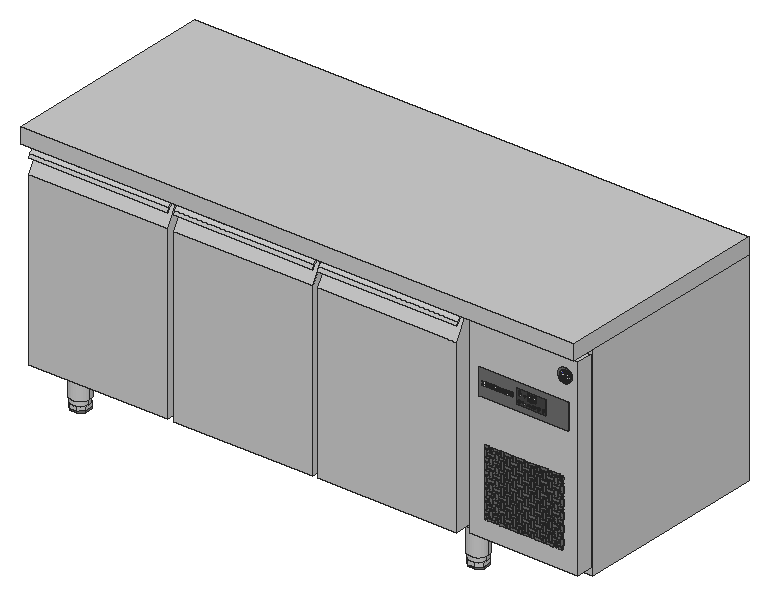
Revit family "QF_HOSHIZAKI_889020823", category Specialty Equipment, Revit 2016
Family settings
  Part Type = Normal
  Round Connector Dimension = Use Diameter
  OmniClass Number = 23.40.40.14
  OmniClass Title = Food Service Equipment
  Work Plane-Based = No
  Always vertical = Yes
  Cut with Voids When Loaded = No
  Shared = No
  Room Calculation Point = No
Parameters (values of type "889020823_230V/1Ph/50Hz")
  Weight = 128.00 kg
  Volts = 230 V
  URL Cutsheet = ""
  URL = "www.hoshizaki-europe.com"
  Status [instance] = ""
  Specification by User [instance] = ""
  Specification by Manufacturer [instance] = ""
  Serial Number = ""
  Seismic Rating = ""
  SMACNA No = ""
  Revision Code [instance] = ""
  Phase = 1
  Number of Poles = 2
  NAFEM Spec ID Number = ""
  Model = "ACR-180DG-LRR-CRC-L2"
  Min Ckt Ampacity = 0 A
  Max Overcurrent Protection = 0 A
  Masterspec = ""
  Manufacturer = "HOSHIZAKI"
  Length Actual = 1780 mm
  Item Number [instance] = ""
  Installed By [instance] = ""
  Identify Quantity as Lot [instance] = no
  Height Actual = 900 mm
  HP power = ""
  Furnished By [instance] = ""
  Foodservice Equipment Identifier [instance] = yes
  FL Amps = 1.3 A
  Electric power = 190 W
  Electric Connection Type [instance] = ""
  Elec Conn RI Height [instance] = 0 mm
  Elec Conn Connection Height [instance] = 300 mm
  Description = "ADVANCE 3-SECTION 1/1 GN REFRIGERATED COUNTER WITH 3 DOORS AND A FLAT WORKTOP"
  Depth Actual = 700 mm
  Cycle = 50 Hz
  Cost = 0
  Conn Plug = ""
  Conn Conduit = no
  CSI MasterFormat = ""
  Assembly Code = "E1090320"
  Apparent Power = 190 VA
  Accessory = no
Reference planes
  plane 1 "Center (Front/Back)": y = 0
  plane 2: z = 0
  plane 3 "Center (Left/Right)": x = 0
Forms (mm)
  Extrusion 1, solid, not visible
    sketch origin (1499, -17, 449) x (1, 0, 0) y (0, 1, 0)
      loop
        line (0, 0) -> (2, 0) -> (2, 2) -> (0, 2) -> (0, 0)
    from 0 to 2
Dimensions and locks
  aligned and locked: level to plane 2
Nested families
  nested 1: "QF_HOSHIZAKI_889020823_230V_1Ph_50Hz" at (0, 0, 150), type "889020823_230V/1Ph/50Hz"
    with Show Logo yes, Length Actual 1780 mm, Height Actual 650 mm, Depth Actual 700 mm, Compressor offset 1424 mm, Compressor location 1
  nested 2: "QF_HOSHIZAKI_ADVANCE_REF-COUNTER-WORKTOPS" at (0, 0, 800), type "760660094"
    with Worktop thickness 50 mm, Length Actual 1780 mm, Depth Actual 700 mm, Backsplash thickness 20 mm, Backsplash height 100 mm
  nested 3: "QF_HOSHIZAKI_ADVANCE_REF-COUNTER-DOORS-DRAWERS" at (22, -700, 150), type "760660485-R"
    with Weight 0.00 kg, URL Cutsheet "", Status "", Specification by User "", Specification by Manufacturer "", Serial Number "", Seismic Rating "", Section size 446 mm, Section 2, SMACNA No "", Right hand hinged glass door no, Right hand hinged door yes, Revision Code "", NAFEM Spec ID Number "", Masterspec "", Length Actual 0 mm, Left hand hinged glass door no, Left hand hinged door no, Item Number "", Installed By "", Identify Quantity as Lot no, Height Actual 0 mm, Furnished By "", Foodservice Equipment Identifier no, Depth Actual 0 mm, CSI MasterFormat "", Accessory yes, 3 Drawers no, 2 Drawers 1-3 and 2-3 no, 2 Drawers no
  nested 4: "QF_HOSHIZAKI_ADVANCE_REF-COUNTER-DOORS-DRAWERS" at (488, -700, 150), type "760660485-R"
    with Weight 0.00 kg, URL Cutsheet "", Status "", Specification by User "", Specification by Manufacturer "", Serial Number "", Seismic Rating "", Section size 446 mm, Section 2, SMACNA No "", Right hand hinged glass door no, Right hand hinged door yes, Revision Code "", NAFEM Spec ID Number "", Masterspec "", Length Actual 0 mm, Left hand hinged glass door no, Left hand hinged door no, Item Number "", Installed By "", Identify Quantity as Lot no, Height Actual 0 mm, Furnished By "", Foodservice Equipment Identifier no, Depth Actual 0 mm, CSI MasterFormat "", Accessory yes, 3 Drawers no, 2 Drawers 1-3 and 2-3 no, 2 Drawers no
  nested 5: "QF_HOSHIZAKI_ADVANCE_REF-COUNTER-DOORS-DRAWERS" at (952, -700, 150), type "760660485-R"
    with Weight 0.00 kg, URL Cutsheet "", Status "", Specification by User "", Specification by Manufacturer "", Serial Number "", Seismic Rating "", Section size 446 mm, Section 2, SMACNA No "", Right hand hinged glass door no, Right hand hinged door yes, Revision Code "", NAFEM Spec ID Number "", Masterspec "", Length Actual 0 mm, Left hand hinged glass door no, Left hand hinged door no, Item Number "", Installed By "", Identify Quantity as Lot no, Height Actual 0 mm, Furnished By "", Foodservice Equipment Identifier no, Depth Actual 0 mm, CSI MasterFormat "", Accessory yes, 3 Drawers no, 2 Drawers 1-3 and 2-3 no, 2 Drawers no
  nested 6: "QF_HOSHIZAKI_ADVANCE_REF-COUNTER-LEGS" at (0, 0, 0), type "760660118-6"
    with Weight 0.00 kg, URL Cutsheet "", Status "", Specification by User "", Specification by Manufacturer "", Serial Number "", Seismic Rating "", SMACNA No "", Revision Code "", NAFEM Spec ID Number "", Masterspec "", Length Actual 1780 mm, Legs inset right 430 mm, Legs inset rear 70 mm, Legs inset left 70 mm, Legs inset front 153 mm, Item Number "", Installed By "", Identify Quantity as Lot no, Height Actual 150 mm, Furnished By "", Foodservice Equipment Identifier no, Depth Actual 700 mm, Central Legs no, CSI MasterFormat "", Accessory yes
Connectors
  electrical at (1500, -15, 450), driven by "Apparent Power", driven by "Number of Poles", driven by "Volts"
    settings: on Extrusion 1, index 1, voltage 230 V, apparent load 0 VA, apparent load phase1 190 VA, apparent load phase2 0 VA, apparent load phase3 0 VA, power factor 1, load classification "Other", number of poles 2, system type 31, power factor state 1, is connector primary yes, connector utility no, sub classification motor no, connector description "Electric connection for '889020823'"
Definition of nested family "QF_HOSHIZAKI_889020823_230V_1Ph_50Hz"
  Parameters (values of type "889020823_230V/1Ph/50Hz")
    URL = "www.hoshizaki-europe.com"
    Show Logo [instance] = yes
    Model = "ACR-180DG-LRR-CRC-L2"
    Manufacturer = "HOSHIZAKI"
    Length Actual [instance] = 1780 mm
    Height Actual [instance] = 650 mm
    Description = "ADVANCE 3-SECTION 1/1 GN REFRIGERATED COUNTER WITH 3 DOORS AND A FLAT WORKTOP"
    Depth Actual [instance] = 700 mm
    Compressor offset [instance] = if(Compressor location = 1, Length Actual - 356 mm, if(Compressor location = 2, 7 mm, Length Actual - 356 mm))  # 1424 mm
    Compressor location [instance] = 1
    Author = "SPECIFI"
    Assembly Code = "E1090320"
  Types (60, lengths in mm): name | Model | Length Actual | Description | Compressor offset
    889000840 | "ACR-130DG-LR-RRC-L1" | 1314 | "ADVANCE 2-SECTION 1/1 GN REFRIGERATED COUNTER WITH 2 DOORS AND A FLAT WORKTOP" | 958
    889000848 | "ACR-130DG-22-RRC-L1" | 1314 | "ADVANCE 2-SECTION 1/1 GN REFRIGERATED COUNTER WITH 2 DRAWER SECTIONS EACH WITH 2 X 1/2 DRAWERS AND A FLAT WORKTOP" | 958
    889000856 | "ACR-130DG-32-RRC-L1" | 1314 | "ADVANCE 2-SECTION 1/1 GN REFRIGERATED COUNTER WITH 1 DRAWER SECTION WITH 3 X 1/3 DRAWERS, 1 DRAWER SECTION WITH 2 X 1/2 DRAWERS AND A FLAT WORKTOP" | 958
    889000844 | "ACR-130DG-LR-RRS-L1" | 1314 | "ADVANCE 2-SECTION 1/1 GN REFRIGERATED COUNTER WITH 2 DOORS AND A WORKTOP WITH 100 MM SPLASHBACK" | 958
    889000852 | "ACR-130DG-22-RRS-L1" | 1314 | "ADVANCE 2-SECTION 1/1 GN REFRIGERATED COUNTER WITH 2 DRAWER SECTIONS EACH WITH 2 X 1/2 DRAWERS AND A WORKTOP WITH 100 MM SPLASHBACK" | 958
    889000861 | "ACR-130DG-LR-RRC-C1-U" | 1314 | "ADVANCE 2-SECTION 1/1 GN REFRIGERATED COUNTER WITH 2 DOORS AND A FLAT WORKTOP" | 958
    889000869 | "ACR-130DG-22-RRC-C1-U" | 1314 | "ADVANCE 2-SECTION 1/1 GN REFRIGERATED COUNTER WITH 2 DRAWER SECTIONS EACH WITH 2 X 1/2 DRAWERS AND A FLAT WORKTOP" | 958
    889000877 | "ACR-130DG-32-RRC-C1-U" | 1314 | "ADVANCE 2-SECTION 1/1 GN REFRIGERATED COUNTER WITH 1 DRAWER SECTION WITH 3 X 1/3 DRAWERS, 1 DRAWER SECTION WITH 2 X 1/2 DRAWERS AND A FLAT WORKTOP" | 958
    889000865 | "ACR-130DG-LR-RRS-C1-U" | 1314 | "ADVANCE 2-SECTION 1/1 GN REFRIGERATED COUNTER WITH 2 DOORS AND A WORKTOP WITH 100 MM SPLASHBACK" | 958
    889000873 | "ACR-130DG-22-RRS-C1-U" | 1314 | "ADVANCE 2-SECTION 1/1 GN REFRIGERATED COUNTER WITH 2 DRAWER SECTIONS EACH WITH 2 X 1/2 DRAWERS AND A WORKTOP WITH 100 MM SPLASHBACK" | 958
    889000842 | "ACR-130DG-LR-RRC-L2" | 1314 | "ADVANCE 2-SECTION 1/1 GN REFRIGERATED COUNTER WITH 2 DOORS AND A FLAT WORKTOP" | 958
    889000850 | "ACR-130DG-22-RRC-L2" | 1314 | "ADVANCE 2-SECTION 1/1 GN REFRIGERATED COUNTER WITH 2 DRAWER SECTIONS EACH WITH 2 X 1/2 DRAWERS AND A FLAT WORKTOP" | 958
    889000858 | "ACR-130DG-32-RRC-L2" | 1314 | "ADVANCE 2-SECTION 1/1 GN REFRIGERATED COUNTER WITH 1 DRAWER SECTION WITH 3 X 1/3 DRAWERS, 1 DRAWER SECTION WITH 2 X 1/2 DRAWERS AND A FLAT WORKTOP" | 958
    889000846 | "ACR-130DG-LR-RRS-L2" | 1314 | "ADVANCE 2-SECTION 1/1 GN REFRIGERATED COUNTER WITH 2 DOORS AND A WORKTOP WITH 100 MM SPLASHBACK" | 958
    889000854 | "ACR-130DG-22-RRS-L2" | 1314 | "ADVANCE 2-SECTION 1/1 GN REFRIGERATED COUNTER WITH 2 DRAWER SECTIONS EACH WITH 2 X 1/2 DRAWERS AND A WORKTOP WITH 100 MM SPLASHBACK" | 958
    889000822 | "ACR-130DG-LR-CRC-L2" | 1314 | "ADVANCE 2-SECTION 1/1 GN REFRIGERATED COUNTER WITH 2 DOORS AND A FLAT WORKTOP" | 958
    889000830 | "ACR-130DG-22-CRC-L2" | 1314 | "ADVANCE 2-SECTION 1/1 GN REFRIGERATED COUNTER WITH 2 DRAWER SECTIONS EACH WITH 2 X 1/2 DRAWERS AND A FLAT WORKTOP" | 958
    889000838 | "ACR-130DG-32-CRC-L2" | 1314 | "ADVANCE 2-SECTION 1/1 GN REFRIGERATED COUNTER WITH 1 DRAWER SECTION WITH 3 X 1/3 DRAWERS, 1 DRAWER SECTION WITH 2 X 1/2 DRAWERS AND A FLAT WORKTOP" | 958
    889000826 | "ACR-130DG-LR-CRS-L2" | 1314 | "ADVANCE 2-SECTION 1/1 GN REFRIGERATED COUNTER WITH 2 DOORS AND A WORKTOP WITH 100 MM SPLASHBACK" | 958
    889000834 | "ACR-130DG-22-CRS-L2" | 1314 | "ADVANCE 2-SECTION 1/1 GN REFRIGERATED COUNTER WITH 2 DRAWER SECTIONS EACH WITH 2 X 1/2 DRAWERS AND A WORKTOP WITH 100 MM SPLASHBACK" | 958
    889020840 | "ACR-180DG-LRR-RRC-L1" | 1780 | "ADVANCE 3-SECTION 1/1 GN REFRIGERATED COUNTER WITH 3 DOORS AND A FLAT WORKTOP" | 1424
    889020848 | "ACR-180DG-222-RRC-L1" | 1780 | "ADVANCE 3-SECTION 1/1 GN REFRIGERATED COUNTER WITH 3 DRAWER SECTIONS EACH WITH 2 X 1/2 DRAWERS AND A FLAT WORKTOP" | 1424
    889020856 | "ACR-180DG-332-RRC-L1" | 1780 | "ADVANCE 3-SECTION 1/1 GN REFRIGERATED COUNTER WITH 2 DRAWER SECTIONS EACH WITH 3 X 1/3 DRAWERS, 1 DRAWER SECTION WITH 2 X 1/2 DRAWERS AND A FLAT WORKTOP" | 1424
    889020844 | "ACR-180DG-LRR-RRS-L1" | 1780 | "ADVANCE 3-SECTION 1/1 GN REFRIGERATED COUNTER WITH 3 DOORS AND A WORKTOP WITH 100 MM SPLASHBACK" | 1424
    889020852 | "ACR-180DG-222-RRS-L1" | 1780 | "ADVANCE 3-SECTION 1/1 GN REFRIGERATED COUNTER WITH 3 DRAWER SECTIONS EACH WITH 2 X 1/2 DRAWERS AND A WORKTOP WITH 100 MM SPLASHBACK" | 1424
    889020861 | "ACR-180DG-LRR-RRC-C1-U" | 1780 | "ADVANCE 3-SECTION 1/1 GN REFRIGERATED COUNTER WITH 3 DOORS AND A FLAT WORKTOP" | 1424
    889020869 | "ACR-180DG-222-RRC-C1-U" | 1780 | "ADVANCE 3-SECTION 1/1 GN REFRIGERATED COUNTER WITH 3 DRAWER SECTIONS EACH WITH 2 X 1/2 DRAWERS AND A FLAT WORKTOP" | 1424
    889020877 | "ACR-180DG-332-RRC-C1-U" | 1780 | "ADVANCE 3-SECTION 1/1 GN REFRIGERATED COUNTER WITH 2 DRAWER SECTIONS EACH WITH 3 X 1/3 DRAWERS, 1 DRAWER SECTION WITH 2 X 1/2 DRAWERS AND A FLAT WORKTOP" | 1424
    889020865 | "ACR-180DG-LRR-RRS-C1-U" | 1780 | "ADVANCE 3-SECTION 1/1 GN REFRIGERATED COUNTER WITH 3 DOORS AND A WORKTOP WITH 100 MM SPLASHBACK" | 1424
    889020873 | "ACR-180DG-222-RRS-C1-U" | 1780 | "ADVANCE 3-SECTION 1/1 GN REFRIGERATED COUNTER WITH 3 DRAWER SECTIONS EACH WITH 2 X 1/2 DRAWERS AND A WORKTOP WITH 100 MM SPLASHBACK" | 1424
    889020842 | "ACR-180DG-LRR-RRC-L2" | 1780 | "ADVANCE 3-SECTION 1/1 GN REFRIGERATED COUNTER WITH 3 DOORS AND A FLAT WORKTOP" | 1424
    889020850 | "ACR-180DG-222-RRC-L2" | 1780 | "ADVANCE 3-SECTION 1/1 GN REFRIGERATED COUNTER WITH 3 DRAWER SECTIONS EACH WITH 2 X 1/2 DRAWERS AND A FLAT WORKTOP" | 1424
    889020858 | "ACR-180DG-332-RRC-L2" | 1780 | "ADVANCE 3-SECTION 1/1 GN REFRIGERATED COUNTER WITH 2 DRAWER SECTIONS EACH WITH 3 X 1/3 DRAWERS, 1 DRAWER SECTION WITH 2 X 1/2 DRAWERS AND A FLAT WORKTOP" | 1424
    889020846 | "ACR-180DG-LRR-RRS-L2" | 1780 | "ADVANCE 3-SECTION 1/1 GN REFRIGERATED COUNTER WITH 3 DOORS AND A WORKTOP WITH 100 MM SPLASHBACK" | 1424
    889020854 | "ACR-180DG-222-RRS-L2" | 1780 | "ADVANCE 3-SECTION 1/1 GN REFRIGERATED COUNTER WITH 3 DRAWER SECTIONS EACH WITH 2 X 1/2 DRAWERS AND A WORKTOP WITH 100 MM SPLASHBACK" | 1424
    889020823_230V/1Ph/50Hz | "ACR-180DG-LRR-CRC-L2" | 1780 | "ADVANCE 3-SECTION 1/1 GN REFRIGERATED COUNTER WITH 3 DOORS AND A FLAT WORKTOP" | 1424
    889020830 | "ACR-180DG-222-CRC-L2" | 1780 | "ADVANCE 3-SECTION 1/1 GN REFRIGERATED COUNTER WITH 3 DRAWER SECTIONS EACH WITH 2 X 1/2 DRAWERS AND A FLAT WORKTOP" | 1424
    889020838 | "ACR-180DG-332-CRC-L2" | 1780 | "ADVANCE 3-SECTION 1/1 GN REFRIGERATED COUNTER WITH 2 DRAWER SECTIONS EACH WITH 3 X 1/3 DRAWERS, 1 DRAWER SECTION WITH 2 X 1/2 DRAWERS AND A FLAT WORKTOP" | 1424
    889020827 | "ACR-180DG-LRR-CRS-L2" | 1780 | "ADVANCE 3-SECTION 1/1 GN REFRIGERATED COUNTER WITH 3 DOORS AND A WORKTOP WITH 100 MM SPLASHBACK" | 1424
    889020834 | "ACR-180DG-222-CRS-L2" | 1780 | "ADVANCE 3-SECTION 1/1 GN REFRIGERATED COUNTER WITH 3 DRAWER SECTIONS EACH WITH 2 X 1/2 DRAWERS AND A WORKTOP WITH 100 MM SPLASHBACK" | 1424
    889040840 | "ACR-225DG-LLRR-RRC-L1" | 2246 | "ADVANCE 4-SECTION 1/1 GN REFRIGERATED COUNTER WITH 4 DOORS AND A FLAT WORKTOP" | 1890
    889040848 | "ACR-225DG-2222-RRC-L1" | 2246 | "ADVANCE 4-SECTION 1/1 GN REFRIGERATED COUNTER WITH 4 DRAWER SECTIONS EACH WITH 2 X 1/2 DRAWERS AND A FLAT WORKTOP" | 1890
    889040856 | "ACR-225DG-3332-RRC-L1" | 2246 | "ADVANCE 4-SECTION 1/1 GN REFRIGERATED COUNTER WITH 3 DRAWER SECTIONS EACH WITH 3 X 1/3 DRAWERS, 1 DRAWER SECTION WITH 2 X 1/2 DRAWERS AND A FLAT WORKTOP" | 1890
    889040844 | "ACR-225DG-LLRR-RRS-L1" | 2246 | "ADVANCE 4-SECTION 1/1 GN REFRIGERATED COUNTER WITH 4 DOORS AND A WORKTOP WITH 100 MM SPLASHBACK" | 1890
    889040852 | "ACR-225DG-2222-RRS-L1" | 2246 | "ADVANCE 4-SECTION 1/1 GN REFRIGERATED COUNTER WITH 4 DRAWER SECTIONS EACH WITH 2 X 1/2 DRAWERS AND A WORKTOP WITH 100 MM SPLASHBACK" | 1890
    889040861 | "ACR-225DG-LLRR-RRC-C1-U" | 2246 | "ADVANCE 4-SECTION 1/1 GN REFRIGERATED COUNTER WITH 4 DOORS AND A FLAT WORKTOP" | 1890
    889040869 | "ACR-225DG-2222-RRC-C1-U" | 2246 | "ADVANCE 4-SECTION 1/1 GN REFRIGERATED COUNTER WITH 4 DRAWER SECTIONS EACH WITH 2 X 1/2 DRAWERS AND A FLAT WORKTOP" | 1890
    889040877 | "ACR-225DG-3332-RRC-C1-U" | 2246 | "ADVANCE 4-SECTION 1/1 GN REFRIGERATED COUNTER WITH 3 DRAWER SECTIONS EACH WITH 3 X 1/3 DRAWERS, 1 DRAWER SECTION WITH 2 X 1/2 DRAWERS AND A FLAT WORKTOP" | 1890
    889040865 | "ACR-225DG-LLRR-RRS-C1-U" | 2246 | "ADVANCE 4-SECTION 1/1 GN REFRIGERATED COUNTER WITH 4 DOORS AND A WORKTOP WITH 100 MM SPLASHBACK" | 1890
    889040873 | "ACR-225DG-2222-RRS-C1-U" | 2246 | "ADVANCE 4-SECTION 1/1 GN REFRIGERATED COUNTER WITH 4 DRAWER SECTIONS EACH WITH 2 X 1/2 DRAWERS AND A WORKTOP WITH 100 MM SPLASHBACK" | 1890
    889040842 | "ACR-225DG-LLRR-RRC-L2" | 2246 | "ADVANCE 4-SECTION 1/1 GN REFRIGERATED COUNTER WITH 4 DOORS AND A FLAT WORKTOP" | 1890
    889040850 | "ACR-225DG-2222-RRC-L2" | 2246 | "ADVANCE 4-SECTION 1/1 GN REFRIGERATED COUNTER WITH 4 DRAWER SECTIONS EACH WITH 2 X 1/2 DRAWERS AND A FLAT WORKTOP" | 1890
    889040858 | "ACR-225DG-3332-RRC-L2" | 2246 | "ADVANCE 4-SECTION 1/1 GN REFRIGERATED COUNTER WITH 3 DRAWER SECTIONS EACH WITH 3 X 1/3 DRAWERS, 1 DRAWER SECTION WITH 2 X 1/2 DRAWERS AND A FLAT WORKTOP" | 1890
    889040846 | "ACR-225DG-LLRR-RRS-L2" | 2246 | "ADVANCE 4-SECTION 1/1 GN REFRIGERATED COUNTER WITH 4 DOORS AND A WORKTOP WITH 100 MM SPLASHBACK" | 1890
    889040854 | "ACR-225DG-2222-RRS-L2" | 2246 | "ADVANCE 4-SECTION 1/1 GN REFRIGERATED COUNTER WITH 4 DRAWER SECTIONS EACH WITH 2 X 1/2 DRAWERS AND A WORKTOP WITH 100 MM SPLASHBACK" | 1890
    889040822 | "ACR-225DG-LLRR-CRC-L2" | 2246 | "ADVANCE 4-SECTION 1/1 GN REFRIGERATED COUNTER WITH 4 DOORS AND A FLAT WORKTOP" | 1890
    889040830 | "ACR-225DG-2222-CRC-L2" | 2246 | "ADVANCE 4-SECTION 1/1 GN REFRIGERATED COUNTER WITH 4 DRAWER SECTIONS EACH WITH 2 X 1/2 DRAWERS AND A FLAT WORKTOP" | 1890
    889040838 | "ACR-225DG-3332-CRC-L2" | 2246 | "ADVANCE 4-SECTION 1/1 GN REFRIGERATED COUNTER WITH 3 DRAWER SECTIONS EACH WITH 3 X 1/3 DRAWERS, 1 DRAWER SECTION WITH 2 X 1/2 DRAWERS AND A FLAT WORKTOP" | 1890
    889040826 | "ACR-225DG-LLRR-CRS-L2" | 2246 | "ADVANCE 4-SECTION 1/1 GN REFRIGERATED COUNTER WITH 4 DOORS AND A WORKTOP WITH 100 MM SPLASHBACK" | 1890
    889040834 | "ACR-225DG-2222-CRS-L2" | 2246 | "ADVANCE 4-SECTION 1/1 GN REFRIGERATED COUNTER WITH 4 DRAWER SECTIONS EACH WITH 2 X 1/2 DRAWERS AND A WORKTOP WITH 100 MM SPLASHBACK" | 1890
  Reference planes
    plane 1 "Back": y = 0
    plane 2: z = 0
    plane 3 "Left": x = 0
    plane 4 "Right": x = 1780
    plane 5 "Front": y = -700
    plane 6 "Top": z = 650
    plane 7 "Front legs": y = -624.512
    plane 8 "Compressor dimension": x = 1780
    plane 9 "Compressor offset": x = 1424
  Forms (mm)
    Extrusion 1, solid
      sketch origin (0, 0, 0) x (0, 1, 0) y (0, 0, 1)
        loop
          line (0, 650) -> (-624.512, 650) -> (-624.512, 0) -> (0, 0) -> (0, 650)
      from 0 to 1780
    Extrusion 2, solid
      sketch origin (1424, 0, 0) x (0, -1, 0) y (0, 0, 1)
        loop
          line (624.512, 634) -> (624.512, 20) -> (674.54, 20) -> (674.54, 634) -> (624.512, 634)
      from 0 to -349
  Lines and regions (mm)
    symbolic lines
      curve 1: line (0, 0, 650) -> (1780, 0, 650)
      curve 2: line (0, -700, 650) -> (0, 0, 650)
      curve 3: line (1780, -700, 650) -> (0, -700, 650)
      curve 4: line (1780, 0, 650) -> (1780, -700, 650)
  Dimensions and locks
    "Length Actual": plane 3 "Left" to plane 4 "Right"
    "Depth Actual": plane 5 "Front" to plane 1 "Back"
    plane 7 "Front legs" to plane 5 "Front" = 75.488 mm
    "Compressor offset": plane 3 "Left" to plane 9 "Compressor offset"
    locked: plane 9 "Compressor offset" to plane 8 "Compressor dimension" at 356
    plane 6 "Top" to level = 650 mm
    aligned and locked: level to plane 2
    aligned and locked: plane 1 "Back" to Extrusion 1 sketch curve
    aligned and locked: plane 7 "Front legs" to Extrusion 1 sketch curve
    aligned and locked: Extrusion 1 to plane 4 "Right"
    aligned and locked: plane 7 "Front legs" to Extrusion 2 sketch curve
    aligned and locked: nested 1 to plane 5 "Front"
    aligned and locked: nested 1 to plane 9 "Compressor offset"
    aligned and locked: Extrusion 1 sketch curve to plane 6 "Top"
    aligned and locked: plane 2 to Extrusion 1 sketch curve
    aligned and locked: plane 1 "Back" to curve 1
    aligned and locked: plane 5 "Front" to curve 3
    aligned and locked: plane 4 "Right" to curve 4
    aligned and locked: plane 3 "Left" to curve 2
  Automatic sketch dimensions
    plane 5 "Front" to Extrusion 2 sketch curve = 25.46 mm
    level to Extrusion 2 sketch curve = 20 mm
    Extrusion 2 sketch curve to plane 6 "Top" = 16 mm
  Nested families
    nested 1: "Control-panel" at (1424, -700, 0), Show Logo <- "Show Logo", type "Control-panel"
      with Show Logo yes
  Definition of nested family "Control-panel"
    Parameters (values of type "Control-panel")
      Show Logo [instance] = yes
    Reference planes
      plane 1 "Center (Front/Back)": y = 0
      plane 2: z = 0
      plane 3 "Center (Left/Right)": x = 0
      plane 4: z = 650
    Forms (mm)
      Extrusion 1, solid
        sketch origin (-3653, 19.5, -135) x (-1, 0, 0) y (0, 0, 1)
          loop
            arc (-3941, 426) -> (-3944.5, 422.5) -> (-3941, 419) r 3.5
            line (-3941, 419) -> (-3923, 419)
            arc (-3923, 419) -> (-3919.5, 422.5) -> (-3923, 426) r 3.5
            line (-3923, 426) -> (-3941, 426)
          loop
            arc (-3903, 426) -> (-3906.5, 422.5) -> (-3903, 419) r 3.5
            line (-3903, 419) -> (-3885, 419)
            arc (-3885, 419) -> (-3881.5, 422.5) -> (-3885, 426) r 3.5
            line (-3885, 426) -> (-3903, 426)
          loop
            arc (-3865, 426) -> (-3868.5, 422.5) -> (-3865, 419) r 3.5
            line (-3865, 419) -> (-3847, 419)
            arc (-3847, 419) -> (-3843.5, 422.5) -> (-3847, 426) r 3.5
            line (-3847, 426) -> (-3865, 426)
          loop
            arc (-3827, 426) -> (-3830.5, 422.5) -> (-3827, 419) r 3.5
            line (-3827, 419) -> (-3809, 419)
            arc (-3809, 419) -> (-3805.5, 422.5) -> (-3809, 426) r 3.5
            line (-3809, 426) -> (-3827, 426)
          loop
            arc (-3789, 426) -> (-3792.5, 422.5) -> (-3789, 419) r 3.5
            line (-3789, 419) -> (-3771, 419)
            arc (-3771, 419) -> (-3767.5, 422.5) -> (-3771, 426) r 3.5
            line (-3771, 426) -> (-3789, 426)
          loop
            arc (-3751, 426) -> (-3754.5, 422.5) -> (-3751, 419) r 3.5
            line (-3751, 419) -> (-3733, 419)
            arc (-3733, 419) -> (-3729.5, 422.5) -> (-3733, 426) r 3.5
            line (-3733, 426) -> (-3751, 426)
          loop
            arc (-3713, 426) -> (-3716.5, 422.5) -> (-3713, 419) r 3.5
            line (-3713, 419) -> (-3704, 419)
            arc (-3704, 419) -> (-3700.5, 422.5) -> (-3704, 426) r 3.5
            line (-3704, 426) -> (-3713, 426)
          loop
            arc (-3948, 422) -> (-3951, 425) -> (-3954, 422) r 3
            line (-3954, 422) -> (-3954, 413)
            arc (-3954, 413) -> (-3951, 410) -> (-3948, 413) r 3
            line (-3948, 413) -> (-3948, 422)
          loop
            line (-3938.025, 416.51) -> (-3945.025, 416.51) -> (-3945.025, 409.51) -> (-3938.025, 409.51) -> (-3938.025, 416.51)
          loop
            line (-3919.025, 416.51) -> (-3926.025, 416.51) -> (-3926.025, 409.51) -> (-3919.025, 409.51) -> (-3919.025, 416.51)
          loop
            arc (-3910, 422) -> (-3913, 425) -> (-3916, 422) r 3
            line (-3916, 422) -> (-3916, 413)
            arc (-3916, 413) -> (-3913, 410) -> (-3910, 413) r 3
            line (-3910, 413) -> (-3910, 422)
          loop
            line (-3900.025, 416.51) -> (-3907.025, 416.51) -> (-3907.025, 409.51) -> (-3900.025, 409.51) -> (-3900.025, 416.51)
          loop
            line (-3881.025, 416.51) -> (-3888.025, 416.51) -> (-3888.025, 409.51) -> (-3881.025, 409.51) -> (-3881.025, 416.51)
          loop
            arc (-3872, 422) -> (-3875, 425) -> (-3878, 422) r 3
            line (-3878, 422) -> (-3878, 413)
            arc (-3878, 413) -> (-3875, 410) -> (-3872, 413) r 3
            line (-3872, 413) -> (-3872, 422)
          loop
            line (-3862.025, 416.51) -> (-3869.025, 416.51) -> (-3869.025, 409.51) -> (-3862.025, 409.51) -> (-3862.025, 416.51)
          loop
            line (-3843.025, 416.51) -> (-3850.025, 416.51) -> (-3850.025, 409.51) -> (-3843.025, 409.51) -> (-3843.025, 416.51)
          loop
            arc (-3834, 422) -> (-3837, 425) -> (-3840, 422) r 3
            line (-3840, 422) -> (-3840, 413)
            arc (-3840, 413) -> (-3837, 410) -> (-3834, 413) r 3
            line (-3834, 413) -> (-3834, 422)
          loop
            line (-3824.025, 416.51) -> (-3831.025, 416.51) -> (-3831.025, 409.51) -> (-3824.025, 409.51) -> (-3824.025, 416.51)
          loop
            line (-3805.025, 416.51) -> (-3812.025, 416.51) -> (-3812.025, 409.51) -> (-3805.025, 409.51) -> (-3805.025, 416.51)
          loop
            arc (-3796, 422) -> (-3799, 425) -> (-3802, 422) r 3
            line (-3802, 422) -> (-3802, 413)
            arc (-3802, 413) -> (-3799, 410) -> (-3796, 413) r 3
            line (-3796, 413) -> (-3796, 422)
          loop
            line (-3786.025, 416.51) -> (-3793.025, 416.51) -> (-3793.025, 409.51) -> (-3786.025, 409.51) -> (-3786.025, 416.51)
          loop
            line (-3767.025, 416.51) -> (-3774.025, 416.51) -> (-3774.025, 409.51) -> (-3767.025, 409.51) -> (-3767.025, 416.51)
          loop
            arc (-3758, 422) -> (-3761, 425) -> (-3764, 422) r 3
            line (-3764, 422) -> (-3764, 413)
            arc (-3764, 413) -> (-3761, 410) -> (-3758, 413) r 3
            line (-3758, 413) -> (-3758, 422)
          loop
            line (-3748.025, 416.51) -> (-3755.025, 416.51) -> (-3755.025, 409.51) -> (-3748.025, 409.51) -> (-3748.025, 416.51)
          loop
            line (-3729.025, 416.51) -> (-3736.025, 416.51) -> (-3736.025, 409.51) -> (-3729.025, 409.51) -> (-3729.025, 416.51)
          loop
            arc (-3720, 422) -> (-3723, 425) -> (-3726, 422) r 3
            line (-3726, 422) -> (-3726, 413)
            arc (-3726, 413) -> (-3723, 410) -> (-3720, 413) r 3
            line (-3720, 413) -> (-3720, 422)
          loop
            line (-3710.025, 416.51) -> (-3717.025, 416.51) -> (-3717.025, 409.51) -> (-3710.025, 409.51) -> (-3710.025, 416.51)
          loop
            line (-3935.5, 412.5) -> (-3935.5, 394.5)
            arc (-3935.5, 394.5) -> (-3932, 391) -> (-3928.5, 394.5) r 3.5
            line (-3928.5, 394.5) -> (-3928.5, 412.5)
            arc (-3928.5, 412.5) -> (-3932, 416) -> (-3935.5, 412.5) r 3.5
          loop
            line (-3897.5, 412.5) -> (-3897.5, 394.5)
            arc (-3897.5, 394.5) -> (-3894, 391) -> (-3890.5, 394.5) r 3.5
            line (-3890.5, 394.5) -> (-3890.5, 412.5)
            arc (-3890.5, 412.5) -> (-3894, 416) -> (-3897.5, 412.5) r 3.5
          loop
            line (-3859.5, 412.5) -> (-3859.5, 394.5)
            arc (-3859.5, 394.5) -> (-3856, 391) -> (-3852.5, 394.5) r 3.5
            line (-3852.5, 394.5) -> (-3852.5, 412.5)
            arc (-3852.5, 412.5) -> (-3856, 416) -> (-3859.5, 412.5) r 3.5
          loop
            line (-3821.5, 412.5) -> (-3821.5, 394.5)
            arc (-3821.5, 394.5) -> (-3818, 391) -> (-3814.5, 394.5) r 3.5
            line (-3814.5, 394.5) -> (-3814.5, 412.5)
            arc (-3814.5, 412.5) -> (-3818, 416) -> (-3821.5, 412.5) r 3.5
          loop
            line (-3783.5, 412.5) -> (-3783.5, 394.5)
            arc (-3783.5, 394.5) -> (-3780, 391) -> (-3776.5, 394.5) r 3.5
            line (-3776.5, 394.5) -> (-3776.5, 412.5)
            arc (-3776.5, 412.5) -> (-3780, 416) -> (-3783.5, 412.5) r 3.5
          loop
            line (-3745.5, 412.5) -> (-3745.5, 394.5)
            arc (-3745.5, 394.5) -> (-3742, 391) -> (-3738.5, 394.5) r 3.5
            line (-3738.5, 394.5) -> (-3738.5, 412.5)
            arc (-3738.5, 412.5) -> (-3742, 416) -> (-3745.5, 412.5) r 3.5
          loop
            line (-3707.5, 412.5) -> (-3707.5, 394.5)
            arc (-3707.5, 394.5) -> (-3704, 391) -> (-3700.5, 394.5) r 3.5
            line (-3700.5, 394.5) -> (-3700.5, 412.5)
            arc (-3700.5, 412.5) -> (-3704, 416) -> (-3707.5, 412.5) r 3.5
          loop
            arc (-3922, 407) -> (-3925.5, 403.5) -> (-3922, 400) r 3.5
            line (-3922, 400) -> (-3904, 400)
            arc (-3904, 400) -> (-3900.5, 403.5) -> (-3904, 407) r 3.5
            line (-3904, 407) -> (-3922, 407)
          loop
            arc (-3884, 407) -> (-3887.5, 403.5) -> (-3884, 400) r 3.5
            line (-3884, 400) -> (-3866, 400)
            arc (-3866, 400) -> (-3862.5, 403.5) -> (-3866, 407) r 3.5
            line (-3866, 407) -> (-3884, 407)
          loop
            arc (-3846, 407) -> (-3849.5, 403.5) -> (-3846, 400) r 3.5
            line (-3846, 400) -> (-3828, 400)
            arc (-3828, 400) -> (-3824.5, 403.5) -> (-3828, 407) r 3.5
            line (-3828, 407) -> (-3846, 407)
          loop
            arc (-3808, 407) -> (-3811.5, 403.5) -> (-3808, 400) r 3.5
            line (-3808, 400) -> (-3790, 400)
            arc (-3790, 400) -> (-3786.5, 403.5) -> (-3790, 407) r 3.5
            line (-3790, 407) -> (-3808, 407)
          loop
            arc (-3770, 407) -> (-3773.5, 403.5) -> (-3770, 400) r 3.5
            line (-3770, 400) -> (-3752, 400)
            arc (-3752, 400) -> (-3748.5, 403.5) -> (-3752, 407) r 3.5
            line (-3752, 407) -> (-3770, 407)
          loop
            arc (-3732, 407) -> (-3735.5, 403.5) -> (-3732, 400) r 3.5
            line (-3732, 400) -> (-3714, 400)
            arc (-3714, 400) -> (-3710.5, 403.5) -> (-3714, 407) r 3.5
            line (-3714, 407) -> (-3732, 407)
          loop
            line (-3938.025, 390.49) -> (-3938.025, 397.49) -> (-3945.025, 397.49) -> (-3945.025, 390.49) -> (-3938.025, 390.49)
          loop
            line (-3919.025, 390.49) -> (-3919.025, 397.49) -> (-3926.025, 397.49) -> (-3926.025, 390.49) -> (-3919.025, 390.49)
          loop
            line (-3900.025, 390.49) -> (-3900.025, 397.49) -> (-3907.025, 397.49) -> (-3907.025, 390.49) -> (-3900.025, 390.49)
          loop
            line (-3881.025, 390.49) -> (-3881.025, 397.49) -> (-3888.025, 397.49) -> (-3888.025, 390.49) -> (-3881.025, 390.49)
          loop
            line (-3862.025, 390.49) -> (-3862.025, 397.49) -> (-3869.025, 397.49) -> (-3869.025, 390.49) -> (-3862.025, 390.49)
          loop
            line (-3843.025, 390.49) -> (-3843.025, 397.49) -> (-3850.025, 397.49) -> (-3850.025, 390.49) -> (-3843.025, 390.49)
          loop
            line (-3824.025, 390.49) -> (-3824.025, 397.49) -> (-3831.025, 397.49) -> (-3831.025, 390.49) -> (-3824.025, 390.49)
          loop
            line (-3805.025, 390.49) -> (-3805.025, 397.49) -> (-3812.025, 397.49) -> (-3812.025, 390.49) -> (-3805.025, 390.49)
          loop
            line (-3786.025, 390.49) -> (-3786.025, 397.49) -> (-3793.025, 397.49) -> (-3793.025, 390.49) -> (-3786.025, 390.49)
          loop
            line (-3767.025, 390.49) -> (-3767.025, 397.49) -> (-3774.025, 397.49) -> (-3774.025, 390.49) -> (-3767.025, 390.49)
          loop
            line (-3748.025, 390.49) -> (-3748.025, 397.49) -> (-3755.025, 397.49) -> (-3755.025, 390.49) -> (-3748.025, 390.49)
          loop
            line (-3729.025, 390.49) -> (-3729.025, 397.49) -> (-3736.025, 397.49) -> (-3736.025, 390.49) -> (-3729.025, 390.49)
          loop
            line (-3710.025, 390.49) -> (-3710.025, 397.49) -> (-3717.025, 397.49) -> (-3717.025, 390.49) -> (-3710.025, 390.49)
          loop
            arc (-3719.5, 393.5) -> (-3723, 397) -> (-3726.5, 393.5) r 3.5
            line (-3726.5, 393.5) -> (-3726.5, 375.5)
            arc (-3726.5, 375.5) -> (-3723, 372) -> (-3719.5, 375.5) r 3.5
            line (-3719.5, 375.5) -> (-3719.5, 393.5)
          loop
            arc (-3757.5, 393.5) -> (-3761, 397) -> (-3764.5, 393.5) r 3.5
            line (-3764.5, 393.5) -> (-3764.5, 375.5)
            arc (-3764.5, 375.5) -> (-3761, 372) -> (-3757.5, 375.5) r 3.5
            line (-3757.5, 375.5) -> (-3757.5, 393.5)
          loop
            arc (-3795.5, 393.5) -> (-3799, 397) -> (-3802.5, 393.5) r 3.5
            line (-3802.5, 393.5) -> (-3802.5, 375.5)
            arc (-3802.5, 375.5) -> (-3799, 372) -> (-3795.5, 375.5) r 3.5
            line (-3795.5, 375.5) -> (-3795.5, 393.5)
          loop
            arc (-3833.5, 393.5) -> (-3837, 397) -> (-3840.5, 393.5) r 3.5
            line (-3840.5, 393.5) -> (-3840.5, 375.5)
            arc (-3840.5, 375.5) -> (-3837, 372) -> (-3833.5, 375.5) r 3.5
            line (-3833.5, 375.5) -> (-3833.5, 393.5)
          loop
            arc (-3871.5, 393.5) -> (-3875, 397) -> (-3878.5, 393.5) r 3.5
            line (-3878.5, 393.5) -> (-3878.5, 375.5)
            arc (-3878.5, 375.5) -> (-3875, 372) -> (-3871.5, 375.5) r 3.5
            line (-3871.5, 375.5) -> (-3871.5, 393.5)
          loop
            arc (-3909.5, 393.5) -> (-3913, 397) -> (-3916.5, 393.5) r 3.5
            line (-3916.5, 393.5) -> (-3916.5, 375.5)
            arc (-3916.5, 375.5) -> (-3913, 372) -> (-3909.5, 375.5) r 3.5
            line (-3909.5, 375.5) -> (-3909.5, 393.5)
          loop
            arc (-3951, 406.5) -> (-3954, 403.5) -> (-3951, 400.5) r 3
            line (-3951, 400.5) -> (-3942, 400.5)
            arc (-3942, 400.5) -> (-3939, 403.5) -> (-3942, 406.5) r 3
            line (-3942, 406.5) -> (-3951, 406.5)
          loop
            arc (-3947.5, 393.5) -> (-3951, 397) -> (-3954.5, 393.5) r 3.5
            line (-3954.5, 393.5) -> (-3954.5, 375.5)
            arc (-3954.5, 375.5) -> (-3951, 372) -> (-3947.5, 375.5) r 3.5
            line (-3947.5, 375.5) -> (-3947.5, 393.5)
          loop
            arc (-3941, 388.51) -> (-3944.5, 385.01) -> (-3941, 381.51) r 3.5
            line (-3941, 381.51) -> (-3923, 381.51)
            arc (-3923, 381.51) -> (-3919.5, 385.01) -> (-3923, 388.51) r 3.5
            line (-3923, 388.51) -> (-3941, 388.51)
          loop
            arc (-3903, 388.51) -> (-3906.5, 385.01) -> (-3903, 381.51) r 3.5
            line (-3903, 381.51) -> (-3885, 381.51)
            arc (-3885, 381.51) -> (-3881.5, 385.01) -> (-3885, 388.51) r 3.5
            line (-3885, 388.51) -> (-3903, 388.51)
          loop
            arc (-3865, 388.51) -> (-3868.5, 385.01) -> (-3865, 381.51) r 3.5
            line (-3865, 381.51) -> (-3847, 381.51)
            arc (-3847, 381.51) -> (-3843.5, 385.01) -> (-3847, 388.51) r 3.5
            line (-3847, 388.51) -> (-3865, 388.51)
          loop
            arc (-3827, 388.51) -> (-3830.5, 385.01) -> (-3827, 381.51) r 3.5
            line (-3827, 381.51) -> (-3809, 381.51)
            arc (-3809, 381.51) -> (-3805.5, 385.01) -> (-3809, 388.51) r 3.5
            line (-3809, 388.51) -> (-3827, 388.51)
          loop
            arc (-3789, 388.51) -> (-3792.5, 385.01) -> (-3789, 381.51) r 3.5
            line (-3789, 381.51) -> (-3771, 381.51)
            arc (-3771, 381.51) -> (-3767.5, 385.01) -> (-3771, 388.51) r 3.5
            line (-3771, 388.51) -> (-3789, 388.51)
          loop
            arc (-3751, 388.51) -> (-3754.5, 385.01) -> (-3751, 381.51) r 3.5
            line (-3751, 381.51) -> (-3733, 381.51)
            arc (-3733, 381.51) -> (-3729.5, 385.01) -> (-3733, 388.51) r 3.5
            line (-3733, 388.51) -> (-3751, 388.51)
          loop
            arc (-3713, 388.51) -> (-3716.5, 385.01) -> (-3713, 381.51) r 3.5
            line (-3713, 381.51) -> (-3704, 381.51)
            arc (-3704, 381.51) -> (-3700.5, 385.01) -> (-3704, 388.51) r 3.5
            line (-3704, 388.51) -> (-3713, 388.51)
          loop
            line (-3938.025, 379.02) -> (-3945.025, 379.02) -> (-3945.025, 372.02) -> (-3938.025, 372.02) -> (-3938.025, 379.02)
          loop
            line (-3919.025, 379.02) -> (-3926.025, 379.02) -> (-3926.025, 372.02) -> (-3919.025, 372.02) -> (-3919.025, 379.02)
          loop
            line (-3900.025, 379.02) -> (-3907.025, 379.02) -> (-3907.025, 372.02) -> (-3900.025, 372.02) -> (-3900.025, 379.02)
          loop
            line (-3881.025, 379.02) -> (-3888.025, 379.02) -> (-3888.025, 372.02) -> (-3881.025, 372.02) -> (-3881.025, 379.02)
          loop
            line (-3862.025, 379.02) -> (-3869.025, 379.02) -> (-3869.025, 372.02) -> (-3862.025, 372.02) -> (-3862.025, 379.02)
          loop
            line (-3843.025, 379.02) -> (-3850.025, 379.02) -> (-3850.025, 372.02) -> (-3843.025, 372.02) -> (-3843.025, 379.02)
          loop
            line (-3824.025, 379.02) -> (-3831.025, 379.02) -> (-3831.025, 372.02) -> (-3824.025, 372.02) -> (-3824.025, 379.02)
          loop
            line (-3805.025, 379.02) -> (-3812.025, 379.02) -> (-3812.025, 372.02) -> (-3805.025, 372.02) -> (-3805.025, 379.02)
          loop
            line (-3786.025, 379.02) -> (-3793.025, 379.02) -> (-3793.025, 372.02) -> (-3786.025, 372.02) -> (-3786.025, 379.02)
          loop
            line (-3767.025, 379.02) -> (-3774.025, 379.02) -> (-3774.025, 372.02) -> (-3767.025, 372.02) -> (-3767.025, 379.02)
          loop
            line (-3748.025, 379.02) -> (-3755.025, 379.02) -> (-3755.025, 372.02) -> (-3748.025, 372.02) -> (-3748.025, 379.02)
          loop
            line (-3729.025, 379.02) -> (-3736.025, 379.02) -> (-3736.025, 372.02) -> (-3729.025, 372.02) -> (-3729.025, 379.02)
          loop
            line (-3710.025, 379.02) -> (-3717.025, 379.02) -> (-3717.025, 372.02) -> (-3710.025, 372.02) -> (-3710.025, 379.02)
          loop
            line (-3935.5, 375.01) -> (-3935.5, 357.01)
            arc (-3935.5, 357.01) -> (-3932, 353.51) -> (-3928.5, 357.01) r 3.5
            line (-3928.5, 357.01) -> (-3928.5, 375.01)
            arc (-3928.5, 375.01) -> (-3932, 378.51) -> (-3935.5, 375.01) r 3.5
          loop
            line (-3897.5, 375.01) -> (-3897.5, 357.01)
            arc (-3897.5, 357.01) -> (-3894, 353.51) -> (-3890.5, 357.01) r 3.5
            line (-3890.5, 357.01) -> (-3890.5, 375.01)
            arc (-3890.5, 375.01) -> (-3894, 378.51) -> (-3897.5, 375.01) r 3.5
          loop
            line (-3859.5, 375.01) -> (-3859.5, 357.01)
            arc (-3859.5, 357.01) -> (-3856, 353.51) -> (-3852.5, 357.01) r 3.5
            line (-3852.5, 357.01) -> (-3852.5, 375.01)
            arc (-3852.5, 375.01) -> (-3856, 378.51) -> (-3859.5, 375.01) r 3.5
          loop
            line (-3821.5, 375.01) -> (-3821.5, 357.01)
            arc (-3821.5, 357.01) -> (-3818, 353.51) -> (-3814.5, 357.01) r 3.5
            line (-3814.5, 357.01) -> (-3814.5, 375.01)
            arc (-3814.5, 375.01) -> (-3818, 378.51) -> (-3821.5, 375.01) r 3.5
          loop
            line (-3783.5, 375.01) -> (-3783.5, 357.01)
            arc (-3783.5, 357.01) -> (-3780, 353.51) -> (-3776.5, 357.01) r 3.5
            line (-3776.5, 357.01) -> (-3776.5, 375.01)
            arc (-3776.5, 375.01) -> (-3780, 378.51) -> (-3783.5, 375.01) r 3.5
          loop
            line (-3745.5, 375.01) -> (-3745.5, 357.01)
            arc (-3745.5, 357.01) -> (-3742, 353.51) -> (-3738.5, 357.01) r 3.5
            line (-3738.5, 357.01) -> (-3738.5, 375.01)
            arc (-3738.5, 375.01) -> (-3742, 378.51) -> (-3745.5, 375.01) r 3.5
          loop
            line (-3707.5, 375.01) -> (-3707.5, 357.01)
            arc (-3707.5, 357.01) -> (-3704, 353.51) -> (-3700.5, 357.01) r 3.5
            line (-3700.5, 357.01) -> (-3700.5, 375.01)
            arc (-3700.5, 375.01) -> (-3704, 378.51) -> (-3707.5, 375.01) r 3.5
          loop
            arc (-3922, 369.51) -> (-3925.5, 366.01) -> (-3922, 362.51) r 3.5
            line (-3922, 362.51) -> (-3904, 362.51)
            arc (-3904, 362.51) -> (-3900.5, 366.01) -> (-3904, 369.51) r 3.5
            line (-3904, 369.51) -> (-3922, 369.51)
          loop
            arc (-3884, 369.51) -> (-3887.5, 366.01) -> (-3884, 362.51) r 3.5
            line (-3884, 362.51) -> (-3866, 362.51)
            arc (-3866, 362.51) -> (-3862.5, 366.01) -> (-3866, 369.51) r 3.5
            line (-3866, 369.51) -> (-3884, 369.51)
          loop
            arc (-3846, 369.51) -> (-3849.5, 366.01) -> (-3846, 362.51) r 3.5
            line (-3846, 362.51) -> (-3828, 362.51)
            arc (-3828, 362.51) -> (-3824.5, 366.01) -> (-3828, 369.51) r 3.5
            line (-3828, 369.51) -> (-3846, 369.51)
          loop
            arc (-3808, 369.51) -> (-3811.5, 366.01) -> (-3808, 362.51) r 3.5
            line (-3808, 362.51) -> (-3790, 362.51)
            arc (-3790, 362.51) -> (-3786.5, 366.01) -> (-3790, 369.51) r 3.5
            line (-3790, 369.51) -> (-3808, 369.51)
          loop
            arc (-3770, 369.51) -> (-3773.5, 366.01) -> (-3770, 362.51) r 3.5
            line (-3770, 362.51) -> (-3752, 362.51)
            arc (-3752, 362.51) -> (-3748.5, 366.01) -> (-3752, 369.51) r 3.5
            line (-3752, 369.51) -> (-3770, 369.51)
          loop
            arc (-3732, 369.51) -> (-3735.5, 366.01) -> (-3732, 362.51) r 3.5
            line (-3732, 362.51) -> (-3714, 362.51)
            arc (-3714, 362.51) -> (-3710.5, 366.01) -> (-3714, 369.51) r 3.5
            line (-3714, 369.51) -> (-3732, 369.51)
          loop
            line (-3938.025, 353) -> (-3938.025, 360) -> (-3945.025, 360) -> (-3945.025, 353) -> (-3938.025, 353)
          loop
            line (-3919.025, 353) -> (-3919.025, 360) -> (-3926.025, 360) -> (-3926.025, 353) -> (-3919.025, 353)
          loop
            line (-3900.025, 353) -> (-3900.025, 360) -> (-3907.025, 360) -> (-3907.025, 353) -> (-3900.025, 353)
          loop
            line (-3881.025, 353) -> (-3881.025, 360) -> (-3888.025, 360) -> (-3888.025, 353) -> (-3881.025, 353)
          loop
            line (-3862.025, 353) -> (-3862.025, 360) -> (-3869.025, 360) -> (-3869.025, 353) -> (-3862.025, 353)
          loop
            line (-3843.025, 353) -> (-3843.025, 360) -> (-3850.025, 360) -> (-3850.025, 353) -> (-3843.025, 353)
          loop
            line (-3824.025, 353) -> (-3824.025, 360) -> (-3831.025, 360) -> (-3831.025, 353) -> (-3824.025, 353)
          loop
            line (-3805.025, 353) -> (-3805.025, 360) -> (-3812.025, 360) -> (-3812.025, 353) -> (-3805.025, 353)
          loop
            line (-3786.025, 353) -> (-3786.025, 360) -> (-3793.025, 360) -> (-3793.025, 353) -> (-3786.025, 353)
          loop
            line (-3767.025, 353) -> (-3767.025, 360) -> (-3774.025, 360) -> (-3774.025, 353) -> (-3767.025, 353)
          loop
            line (-3748.025, 353) -> (-3748.025, 360) -> (-3755.025, 360) -> (-3755.025, 353) -> (-3748.025, 353)
          loop
            line (-3729.025, 353) -> (-3729.025, 360) -> (-3736.025, 360) -> (-3736.025, 353) -> (-3729.025, 353)
          loop
            line (-3710.025, 353) -> (-3710.025, 360) -> (-3717.025, 360) -> (-3717.025, 353) -> (-3710.025, 353)
          loop
            arc (-3719.5, 356.01) -> (-3723, 359.51) -> (-3726.5, 356.01) r 3.5
            line (-3726.5, 356.01) -> (-3726.5, 338.01)
            arc (-3726.5, 338.01) -> (-3723, 334.51) -> (-3719.5, 338.01) r 3.5
            line (-3719.5, 338.01) -> (-3719.5, 356.01)
          loop
            arc (-3757.5, 356.01) -> (-3761, 359.51) -> (-3764.5, 356.01) r 3.5
            line (-3764.5, 356.01) -> (-3764.5, 338.01)
            arc (-3764.5, 338.01) -> (-3761, 334.51) -> (-3757.5, 338.01) r 3.5
            line (-3757.5, 338.01) -> (-3757.5, 356.01)
          loop
            arc (-3795.5, 356.01) -> (-3799, 359.51) -> (-3802.5, 356.01) r 3.5
            line (-3802.5, 356.01) -> (-3802.5, 338.01)
            arc (-3802.5, 338.01) -> (-3799, 334.51) -> (-3795.5, 338.01) r 3.5
            line (-3795.5, 338.01) -> (-3795.5, 356.01)
          loop
            arc (-3833.5, 356.01) -> (-3837, 359.51) -> (-3840.5, 356.01) r 3.5
            line (-3840.5, 356.01) -> (-3840.5, 338.01)
            arc (-3840.5, 338.01) -> (-3837, 334.51) -> (-3833.5, 338.01) r 3.5
            line (-3833.5, 338.01) -> (-3833.5, 356.01)
          loop
            arc (-3871.5, 356.01) -> (-3875, 359.51) -> (-3878.5, 356.01) r 3.5
            line (-3878.5, 356.01) -> (-3878.5, 338.01)
            arc (-3878.5, 338.01) -> (-3875, 334.51) -> (-3871.5, 338.01) r 3.5
            line (-3871.5, 338.01) -> (-3871.5, 356.01)
          loop
            arc (-3909.5, 356.01) -> (-3913, 359.51) -> (-3916.5, 356.01) r 3.5
            line (-3916.5, 356.01) -> (-3916.5, 338.01)
            arc (-3916.5, 338.01) -> (-3913, 334.51) -> (-3909.5, 338.01) r 3.5
            line (-3909.5, 338.01) -> (-3909.5, 356.01)
          loop
            arc (-3951, 369.01) -> (-3954, 366.01) -> (-3951, 363.01) r 3
            line (-3951, 363.01) -> (-3942, 363.01)
            arc (-3942, 363.01) -> (-3939, 366.01) -> (-3942, 369.01) r 3
            line (-3942, 369.01) -> (-3951, 369.01)
          loop
            arc (-3947.5, 356.01) -> (-3951, 359.51) -> (-3954.5, 356.01) r 3.5
            line (-3954.5, 356.01) -> (-3954.5, 338.01)
            arc (-3954.5, 338.01) -> (-3951, 334.51) -> (-3947.5, 338.01) r 3.5
            line (-3947.5, 338.01) -> (-3947.5, 356.01)
          loop
            arc (-3941, 350.486) -> (-3944.5, 346.986) -> (-3941, 343.486) r 3.5
            line (-3941, 343.486) -> (-3923, 343.486)
            arc (-3923, 343.486) -> (-3919.5, 346.986) -> (-3923, 350.486) r 3.5
            line (-3923, 350.486) -> (-3941, 350.486)
          loop
            arc (-3903, 350.486) -> (-3906.5, 346.986) -> (-3903, 343.486) r 3.5
            line (-3903, 343.486) -> (-3885, 343.486)
            arc (-3885, 343.486) -> (-3881.5, 346.986) -> (-3885, 350.486) r 3.5
            line (-3885, 350.486) -> (-3903, 350.486)
          loop
            arc (-3865, 350.486) -> (-3868.5, 346.986) -> (-3865, 343.486) r 3.5
            line (-3865, 343.486) -> (-3847, 343.486)
            arc (-3847, 343.486) -> (-3843.5, 346.986) -> (-3847, 350.486) r 3.5
            line (-3847, 350.486) -> (-3865, 350.486)
          loop
            arc (-3827, 350.486) -> (-3830.5, 346.986) -> (-3827, 343.486) r 3.5
            line (-3827, 343.486) -> (-3809, 343.486)
            arc (-3809, 343.486) -> (-3805.5, 346.986) -> (-3809, 350.486) r 3.5
            line (-3809, 350.486) -> (-3827, 350.486)
          loop
            arc (-3789, 350.486) -> (-3792.5, 346.986) -> (-3789, 343.486) r 3.5
            line (-3789, 343.486) -> (-3771, 343.486)
            arc (-3771, 343.486) -> (-3767.5, 346.986) -> (-3771, 350.486) r 3.5
            line (-3771, 350.486) -> (-3789, 350.486)
          loop
            arc (-3751, 350.486) -> (-3754.5, 346.986) -> (-3751, 343.486) r 3.5
            line (-3751, 343.486) -> (-3733, 343.486)
            arc (-3733, 343.486) -> (-3729.5, 346.986) -> (-3733, 350.486) r 3.5
            line (-3733, 350.486) -> (-3751, 350.486)
          loop
            arc (-3713, 350.486) -> (-3716.5, 346.986) -> (-3713, 343.486) r 3.5
            line (-3713, 343.486) -> (-3704, 343.486)
            arc (-3704, 343.486) -> (-3700.5, 346.986) -> (-3704, 350.486) r 3.5
            line (-3704, 350.486) -> (-3713, 350.486)
          loop
            line (-3938.025, 340.996) -> (-3945.025, 340.996) -> (-3945.025, 333.996) -> (-3938.025, 333.996) -> (-3938.025, 340.996)
          loop
            line (-3919.025, 340.996) -> (-3926.025, 340.996) -> (-3926.025, 333.996) -> (-3919.025, 333.996) -> (-3919.025, 340.996)
          loop
            line (-3900.025, 340.996) -> (-3907.025, 340.996) -> (-3907.025, 333.996) -> (-3900.025, 333.996) -> (-3900.025, 340.996)
          loop
            line (-3881.025, 340.996) -> (-3888.025, 340.996) -> (-3888.025, 333.996) -> (-3881.025, 333.996) -> (-3881.025, 340.996)
          loop
            line (-3862.025, 340.996) -> (-3869.025, 340.996) -> (-3869.025, 333.996) -> (-3862.025, 333.996) -> (-3862.025, 340.996)
          loop
            line (-3843.025, 340.996) -> (-3850.025, 340.996) -> (-3850.025, 333.996) -> (-3843.025, 333.996) -> (-3843.025, 340.996)
          loop
            line (-3824.025, 340.996) -> (-3831.025, 340.996) -> (-3831.025, 333.996) -> (-3824.025, 333.996) -> (-3824.025, 340.996)
          loop
            line (-3805.025, 340.996) -> (-3812.025, 340.996) -> (-3812.025, 333.996) -> (-3805.025, 333.996) -> (-3805.025, 340.996)
          loop
            line (-3786.025, 340.996) -> (-3793.025, 340.996) -> (-3793.025, 333.996) -> (-3786.025, 333.996) -> (-3786.025, 340.996)
          loop
            line (-3767.025, 340.996) -> (-3774.025, 340.996) -> (-3774.025, 333.996) -> (-3767.025, 333.996) -> (-3767.025, 340.996)
          loop
            line (-3748.025, 340.996) -> (-3755.025, 340.996) -> (-3755.025, 333.996) -> (-3748.025, 333.996) -> (-3748.025, 340.996)
          loop
            line (-3729.025, 340.996) -> (-3736.025, 340.996) -> (-3736.025, 333.996) -> (-3729.025, 333.996) -> (-3729.025, 340.996)
          loop
            line (-3710.025, 340.996) -> (-3717.025, 340.996) -> (-3717.025, 333.996) -> (-3710.025, 333.996) -> (-3710.025, 340.996)
          loop
            line (-3935.5, 336.986) -> (-3935.5, 318.986)
            arc (-3935.5, 318.986) -> (-3932, 315.486) -> (-3928.5, 318.986) r 3.5
            line (-3928.5, 318.986) -> (-3928.5, 336.986)
            arc (-3928.5, 336.986) -> (-3932, 340.486) -> (-3935.5, 336.986) r 3.5
          loop
            line (-3897.5, 336.986) -> (-3897.5, 318.986)
            arc (-3897.5, 318.986) -> (-3894, 315.486) -> (-3890.5, 318.986) r 3.5
            line (-3890.5, 318.986) -> (-3890.5, 336.986)
            arc (-3890.5, 336.986) -> (-3894, 340.486) -> (-3897.5, 336.986) r 3.5
          loop
            line (-3859.5, 336.986) -> (-3859.5, 318.986)
            arc (-3859.5, 318.986) -> (-3856, 315.486) -> (-3852.5, 318.986) r 3.5
            line (-3852.5, 318.986) -> (-3852.5, 336.986)
            arc (-3852.5, 336.986) -> (-3856, 340.486) -> (-3859.5, 336.986) r 3.5
          loop
            line (-3821.5, 336.986) -> (-3821.5, 318.986)
            arc (-3821.5, 318.986) -> (-3818, 315.486) -> (-3814.5, 318.986) r 3.5
            line (-3814.5, 318.986) -> (-3814.5, 336.986)
            arc (-3814.5, 336.986) -> (-3818, 340.486) -> (-3821.5, 336.986) r 3.5
          loop
            line (-3783.5, 336.986) -> (-3783.5, 318.986)
            arc (-3783.5, 318.986) -> (-3780, 315.486) -> (-3776.5, 318.986) r 3.5
            line (-3776.5, 318.986) -> (-3776.5, 336.986)
            arc (-3776.5, 336.986) -> (-3780, 340.486) -> (-3783.5, 336.986) r 3.5
          loop
            line (-3745.5, 336.986) -> (-3745.5, 318.986)
            arc (-3745.5, 318.986) -> (-3742, 315.486) -> (-3738.5, 318.986) r 3.5
            line (-3738.5, 318.986) -> (-3738.5, 336.986)
            arc (-3738.5, 336.986) -> (-3742, 340.486) -> (-3745.5, 336.986) r 3.5
          loop
            line (-3707.5, 336.986) -> (-3707.5, 318.986)
            arc (-3707.5, 318.986) -> (-3704, 315.486) -> (-3700.5, 318.986) r 3.5
            line (-3700.5, 318.986) -> (-3700.5, 336.986)
            arc (-3700.5, 336.986) -> (-3704, 340.486) -> (-3707.5, 336.986) r 3.5
          loop
            arc (-3922, 331.486) -> (-3925.5, 327.986) -> (-3922, 324.486) r 3.5
            line (-3922, 324.486) -> (-3904, 324.486)
            arc (-3904, 324.486) -> (-3900.5, 327.986) -> (-3904, 331.486) r 3.5
            line (-3904, 331.486) -> (-3922, 331.486)
          loop
            arc (-3884, 331.486) -> (-3887.5, 327.986) -> (-3884, 324.486) r 3.5
            line (-3884, 324.486) -> (-3866, 324.486)
            arc (-3866, 324.486) -> (-3862.5, 327.986) -> (-3866, 331.486) r 3.5
            line (-3866, 331.486) -> (-3884, 331.486)
          loop
            arc (-3846, 331.486) -> (-3849.5, 327.986) -> (-3846, 324.486) r 3.5
            line (-3846, 324.486) -> (-3828, 324.486)
            arc (-3828, 324.486) -> (-3824.5, 327.986) -> (-3828, 331.486) r 3.5
            line (-3828, 331.486) -> (-3846, 331.486)
          loop
            arc (-3808, 331.486) -> (-3811.5, 327.986) -> (-3808, 324.486) r 3.5
            line (-3808, 324.486) -> (-3790, 324.486)
            arc (-3790, 324.486) -> (-3786.5, 327.986) -> (-3790, 331.486) r 3.5
            line (-3790, 331.486) -> (-3808, 331.486)
          loop
            arc (-3770, 331.486) -> (-3773.5, 327.986) -> (-3770, 324.486) r 3.5
            line (-3770, 324.486) -> (-3752, 324.486)
            arc (-3752, 324.486) -> (-3748.5, 327.986) -> (-3752, 331.486) r 3.5
            line (-3752, 331.486) -> (-3770, 331.486)
          loop
            arc (-3732, 331.486) -> (-3735.5, 327.986) -> (-3732, 324.486) r 3.5
            line (-3732, 324.486) -> (-3714, 324.486)
            arc (-3714, 324.486) -> (-3710.5, 327.986) -> (-3714, 331.486) r 3.5
            line (-3714, 331.486) -> (-3732, 331.486)
          loop
            line (-3938.025, 314.976) -> (-3938.025, 321.976) -> (-3945.025, 321.976) -> (-3945.025, 314.976) -> (-3938.025, 314.976)
          loop
            line (-3919.025, 314.976) -> (-3919.025, 321.976) -> (-3926.025, 321.976) -> (-3926.025, 314.976) -> (-3919.025, 314.976)
          loop
            line (-3900.025, 314.976) -> (-3900.025, 321.976) -> (-3907.025, 321.976) -> (-3907.025, 314.976) -> (-3900.025, 314.976)
          loop
            line (-3881.025, 314.976) -> (-3881.025, 321.976) -> (-3888.025, 321.976) -> (-3888.025, 314.976) -> (-3881.025, 314.976)
          loop
            line (-3862.025, 314.976) -> (-3862.025, 321.976) -> (-3869.025, 321.976) -> (-3869.025, 314.976) -> (-3862.025, 314.976)
          loop
            line (-3843.025, 314.976) -> (-3843.025, 321.976) -> (-3850.025, 321.976) -> (-3850.025, 314.976) -> (-3843.025, 314.976)
          loop
            line (-3824.025, 314.976) -> (-3824.025, 321.976) -> (-3831.025, 321.976) -> (-3831.025, 314.976) -> (-3824.025, 314.976)
          loop
            line (-3805.025, 314.976) -> (-3805.025, 321.976) -> (-3812.025, 321.976) -> (-3812.025, 314.976) -> (-3805.025, 314.976)
          loop
            line (-3786.025, 314.976) -> (-3786.025, 321.976) -> (-3793.025, 321.976) -> (-3793.025, 314.976) -> (-3786.025, 314.976)
          loop
            line (-3767.025, 314.976) -> (-3767.025, 321.976) -> (-3774.025, 321.976) -> (-3774.025, 314.976) -> (-3767.025, 314.976)
          loop
            line (-3748.025, 314.976) -> (-3748.025, 321.976) -> (-3755.025, 321.976) -> (-3755.025, 314.976) -> (-3748.025, 314.976)
          loop
            line (-3729.025, 314.976) -> (-3729.025, 321.976) -> (-3736.025, 321.976) -> (-3736.025, 314.976) -> (-3729.025, 314.976)
          loop
            line (-3710.025, 314.976) -> (-3710.025, 321.976) -> (-3717.025, 321.976) -> (-3717.025, 314.976) -> (-3710.025, 314.976)
          loop
            arc (-3719.5, 317.986) -> (-3723, 321.486) -> (-3726.5, 317.986) r 3.5
            line (-3726.5, 317.986) -> (-3726.5, 299.986)
            arc (-3726.5, 299.986) -> (-3723, 296.486) -> (-3719.5, 299.986) r 3.5
            line (-3719.5, 299.986) -> (-3719.5, 317.986)
          loop
            arc (-3757.5, 317.986) -> (-3761, 321.486) -> (-3764.5, 317.986) r 3.5
            line (-3764.5, 317.986) -> (-3764.5, 299.986)
            arc (-3764.5, 299.986) -> (-3761, 296.486) -> (-3757.5, 299.986) r 3.5
            line (-3757.5, 299.986) -> (-3757.5, 317.986)
          loop
            arc (-3795.5, 317.986) -> (-3799, 321.486) -> (-3802.5, 317.986) r 3.5
            line (-3802.5, 317.986) -> (-3802.5, 299.986)
            arc (-3802.5, 299.986) -> (-3799, 296.486) -> (-3795.5, 299.986) r 3.5
            line (-3795.5, 299.986) -> (-3795.5, 317.986)
          loop
            arc (-3833.5, 317.986) -> (-3837, 321.486) -> (-3840.5, 317.986) r 3.5
            line (-3840.5, 317.986) -> (-3840.5, 299.986)
            arc (-3840.5, 299.986) -> (-3837, 296.486) -> (-3833.5, 299.986) r 3.5
            line (-3833.5, 299.986) -> (-3833.5, 317.986)
          loop
            arc (-3871.5, 317.986) -> (-3875, 321.486) -> (-3878.5, 317.986) r 3.5
            line (-3878.5, 317.986) -> (-3878.5, 299.986)
            arc (-3878.5, 299.986) -> (-3875, 296.486) -> (-3871.5, 299.986) r 3.5
            line (-3871.5, 299.986) -> (-3871.5, 317.986)
          loop
            arc (-3909.5, 317.986) -> (-3913, 321.486) -> (-3916.5, 317.986) r 3.5
            line (-3916.5, 317.986) -> (-3916.5, 299.986)
            arc (-3916.5, 299.986) -> (-3913, 296.486) -> (-3909.5, 299.986) r 3.5
